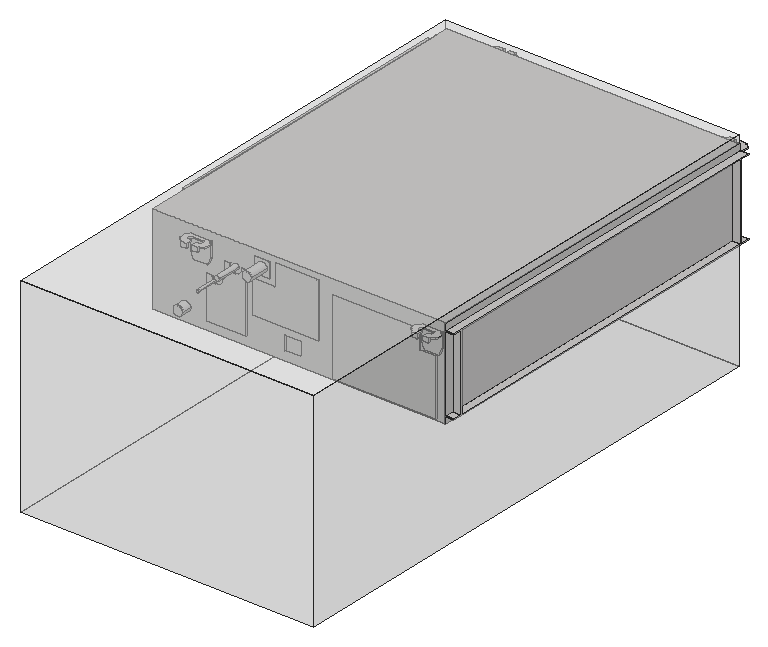
Revit family "outputfile", category 機械設備, Revit 2024
Family settings
  丸型コネクタ寸法 = 半径を使用
  パーツ タイプ = 標準
  OmniClass 番号 = 23.75.10.24.21.27.27
  OmniClass タイトル = Split System Air Conditioning Units
  作業面ベース = いいえ
  常に垂直 = はい
  ロード時にボイドで切り取り = いいえ
  注釈の向きを維持 = いいえ
  共有 = いいえ
  部屋計算ポイント = はい
Parameters (values of type "FMA50RVMV9")
  Description = ""
  製造元 = "Daikin"
  書き出し IFC クラス(タイプ) = "IfcUnitaryEquipmentType"
  定義済み IFC タイプ(タイプ) = "AIRCONDITIONINGUNIT"
  Cost = 0
  モデル = "FMA50RVMV9"
  Type Comments = ""
  Keynote = ""
  Type Image = (empty or 0)
  Assembly Code = ""
  switch_frequency = yes
  r_Liquid Pipe Size = Liquid Pipe Size / 2  # 3.2 mm
  r_Gas Pipe Size = Gas Pipe Size / 2  # 6.35 mm
  r_Drain Pipe Size = Drain Pipe Size / 2  # 12.5 mm
  lw_power = 770.0 mm  # constant formula
  lh_SA = 138.0 mm  # constant formula
  lw_SA = if(Depth = 550.0 mm, 225.0 mm, if(Depth = 700.0 mm, 300.0 mm, if(Depth = 1000.0 mm, 450.0 mm, if(Depth = 1400.0 mm, 650.0 mm, 725.0 mm))))  # 450.0 mm
  lw_RA = if(Depth = 550.0 mm, 275.0 mm, if(Depth = 700.0 mm, 349.0 mm, if(Depth = 1000.0 mm, 499.0 mm, if(Depth = 1400.0 mm, 699.0 mm, 775.0 mm))))  # 499.0 mm
  lh_power = 60.0 mm + [h***]  # 60.0 mm
  lh_mountinghole1 = lh_mountinghole + [h***]  # 222.0 mm
  lh_RA = 123.0 mm  # constant formula
  ld_power = Depth / 2  # 500.0 mm
  connector_voltage = Voltage_50Hz  # 230 V
  connector_powerinput = [Power Input (Cooling)]  # 0.000 kW
  connector_phase = Phase_50Hz  # 1
  Voltage_comment_50Hz = "220 - 240"
  Voltage_50Hz = 230 V
  URL = ""
  Supply Air Direction [instance] = yes
  Sound Power Level_H speed (dB) = 0
  Phase_50Hz = 1
  Minimum External Static Pressure = 50.00 Pa
  Minimum Circuit Amps_50Hz = 0.0 A
  Maximum Fuse Amps_50Hz = 0.0 A
  Maximum External Static Pressure = 150.00 Pa
  Material_Casing = DAIKIN_GalvanizedSteel_Casing_indoorunit
  lw_mountinghole = 630.0 mm  # constant formula
  lh_gaspipe = 183.0 mm + [h***]  # 183.0 mm
  lh_mountinghole = 222.0 mm  # constant formula
  lh_liquidpipe = 136.0 mm + [h***]  # 136.0 mm
  lh_drainpipe = 207.0 mm + [h***]  # 207.0 mm
  lh_antena = Height - lh_mountinghole + 1.0 mm  # 24.0 mm
  ld_drainpipe = Depth / 2 + 53.0 mm  # 553.0 mm
  ld_liquidpipe = Depth / 2 + 69.0 mm  # 569.0 mm
  ld_gaspipe = Depth / 2 + 65.0 mm  # 565.0 mm
  ld_mountinghole = Depth + 38.0 mm  # 1038.0 mm
  h*** = 0.0 mm  # constant formula
  lw_liquidpipe = 179.0 mm  # constant formula
  lw_gaspipe = 229.0 mm  # constant formula
  lw_drainpipe = 300.0 mm  # constant formula
  Width = 800.0 mm
  Version = "ver.1.0"
  Unit Type = "Duct (M.S.P)"
  Unit Mass Weight = 37.00 kg
  Unit Designation [instance] = ""
  Uniclass2015Version = "Products v1.30"
  Uniclass2015Title = "Split coil room air conditioning units"
  Uniclass2015Code = "Pr_70_65_03_86"
  Total Cooling Capacity [instance] = 0.000 kW
  Sound Pressure Level_M speed (dBA) = 33
  Sound Pressure Level_L speed (dBA) = 31
  Sound Pressure Level_H speed (dBA) = 35
  Series = "Multi Split_Fan Coil Unit"
  Sensible Cooling Capacity [instance] = 0.000 kW
  SA Duct Size Width = 792.0 mm
  SA Duct Size Height = 176.0 mm
  Refrigerant Type = "R32"
  RA Duct Size Width = 952.0 mm
  RA Duct Size Height = 208.0 mm
  Power Input (Cooling) = 0.000 kW
  Option Accessory 3 [instance] = ""
  Option Accessory 2 [instance] = ""
  Option Accessory 1 [instance] = ""
  Nominal Cooling Capacity = 5.000 kW
  Minimum Airflow = 750.00 m³/h
  Median Airflow = 900.00 m³/h
  Maximum Airflow = 1080.00 m³/h
  Load Classification = HVAC
  Liquid Pipe Size = 6.4 mm
  Link_Nested Family [instance] = ""
  IfcVersion = ""
  IfcExportType = "AIRCONDITIONINGUNIT"
  IfcExportAs = "IfcUnitaryEquipmentType"
  Height = 245.0 mm
  Heat Exchanger Type = "Cross Fin Coil"
  Gas Pipe Size = 12.7 mm
  Frequency_50Hz = 50 Hz
  Fan Type = "Sirocco Fan"
  Fan Drive = "Direct Drive"
  FCU Tag No. [instance] = ""
  Drain Pipe Size = 25.0 mm
  Design Supply Airflow [instance] = 0.00 m³/h
  Design Return Airflow [instance] = 0.00 m³/h
  Design External Static Pressure [instance] = 0.00 Pa
  Depth = 1000.0 mm
  既定の高さ = 0.0 mm
  Cooling Entering Wet Bulb Temperature [instance] = 0.00 °C
  Cooling Entering Dry Bulb Temperature [instance] = 0.00 °C
  Cooling Ambient Wet Bulb Temperature [instance] = 0.00 °C
  Cooling Ambient Dry Bulb Temperature [instance] = 0.00 °C
  Clearance visibility [instance] = yes
  Clearance Top = 20.0 mm
  Clearance Right = 0.0 mm
  Clearance Rear = 0.0 mm
  Clearance Left = 0.0 mm
  Clearance Front = 450.0 mm
  Clearance Bottom = 300.0 mm
Reference planes
  plane 1 "Center (Front/Back)": y = 0
  plane 2 "h": z = 0
  plane 3 "Center (Left/Right)": x = 0
  plane 4 "Back": y = 500
  plane 5 "Front": y = -500
  plane 6 "Left": x = -400
  plane 7 "Right": x = 400
  plane 8 "Top": z = 0
  plane 9 "Bottom": z = -245
  plane 10: y = -215
  plane 11: y = 500
  plane 12: y = -950
  plane 13: x = -400
  plane 14: x = 400
  plane 15: z = 20
  plane 16: z = -545
  plane 17: x = -400
  plane 18: x = -399
  plane 19: x = 399
  plane 20: y = 50
  plane 21: y = -1
  plane 22: z = -122
  plane 23: y = -501
  plane 24: z = -109
  plane 25: x = -221
  plane 26: y = -565
  plane 27: z = -62
  plane 28: x = -171
  plane 29: y = -553
  plane 30: z = -38
  plane 31: x = -100
  plane 32: x = -100
  plane 33: x = -221
  plane 34: x = -171
  plane 35: x = 370
  plane 36: x = -266
  plane 37: x = 364
  plane 38: y = -519
  plane 39: y = 519
  plane 40: z = -23
  plane 41: z = -107
  plane 42: y = -569
  plane 43: z = -207
  plane 44: x = -309
  plane 45: y = -526
  plane 46: x = -251
  plane 47: x = -203
  plane 48: x = -144
  plane 49: z = -59
  plane 50: z = -106
  plane 51: z = -221
  plane 52: z = -109
  plane 53: x = -221
  plane 54: z = -62
  plane 55: x = -171
  plane 56: z = -17
  plane 57: z = -59
  plane 58: x = -121
  plane 59: x = -79
  plane 60: x = -125
  plane 61: x = -64
  plane 62: x = 53
  plane 63: z = -164
  plane 64: z = -73
  plane 65: z = -16
  plane 66: x = 93.5
  plane 67: x = 374.5
  plane 68: x = 330
  plane 69: z = -88.5
  plane 70: z = -38
  plane 71: z = -242.5
  plane 72: x = -38.5
  plane 73: x = 6.5
  plane 74: z = -181
  plane 75: z = -221
  plane 76: y = -499
  plane 77: x = -424
  plane 78: x = 424
Forms (mm)
  Extrusion 1, solid, material "DAIKIN_GalvanizedSteel_Casing_indoorunit" <- "Material_Casing"
    sketch origin (0, 0, 0) x (1, 0, 0) y (0, 1, 0)
      loop
        line (-399, 500) -> (-399, -500) -> (399, -500) -> (399, 500) -> (-399, 500)
    from -245 to 0
  Extrusion 2, solid, material "DAIKIN_GalvanizedSteel_Casing_indoorunit" <- "Material_Casing"
    sketch origin (0, 0, 0) x (1, 0, 0) y (0, 0, 1)
      loop
        line (-251, -221) -> (-144, -221) -> (-144, -59) -> (-154.47, -59)
        arc (-154.47, -59) -> (-171, -78.8) -> (-187.53, -59) r 16.8
        line (-187.53, -59) -> (-203, -59) -> (-203, -106) -> (-206.916, -106)
        arc (-206.916, -106) -> (-221, -123.4) -> (-235.084, -106) r 14.4
        line (-235.084, -106) -> (-251, -106) -> (-251, -221)
    from 500 to 501
  Extrusion 3, solid, material "DAIKIN_GalvanizedSteel_Casing_indoorunit" <- "Material_Casing"
    sketch origin (0, 0, 0) x (1, 0, 0) y (0, 0, 1)
      loop
        line (-121, -17) -> (-121, -59) -> (-79, -59) -> (-79, -17) -> (-121, -17)
      loop
        line (-125, -73) -> (-125, -164) -> (53, -164) -> (53, -16) -> (-64, -16) -> (-64, -73) -> (-125, -73)
    from 500 to 501
  Extrusion 4, solid, material "DAIKIN_GalvanizedSteel_Casing_indoorunit" <- "Material_Casing"
    sketch origin (0, 0, 0) x (1, 0, 0) y (0, 0, 1)
      loop
        line (93.5, -38) -> (93.5, -242.5) -> (374.5, -242.5) -> (374.5, -88.5) -> (330, -88.5) -> (330, -38) -> (93.5, -38)
    from 500 to 501
  Extrusion 5, solid, material "DAIKIN_GalvanizedSteel_Casing_indoorunit" <- "Material_Casing"
    sketch origin (0, 0, 0) x (1, 0, 0) y (0, 0, 1)
      loop
        circle (-221, -109) r 3.2
    from 500 to 569
  Extrusion 6, solid, material "DAIKIN_GalvanizedSteel_Casing_indoorunit" <- "Material_Casing"
    sketch origin (0, 0, 0) x (1, 0, 0) y (0, 0, 1)
      loop
        circle (-171, -62) r 6.35
    from 500 to 565
  Extrusion 7, solid, material "DAIKIN_GalvanizedSteel_Casing_indoorunit" <- "Material_Casing"
    sketch origin (0, 0, 0) x (1, 0, 0) y (0, 0, 1)
      loop
        circle (-100, -38) r 12.5
    from 501 to 553
  Extrusion 8, solid, material "DAIKIN_GalvanizedSteel_Casing_indoorunit" <- "Material_Casing"
    sketch origin (0, 0, 0) x (1, 0, 0) y (0, 0, 1)
      loop
        circle (-309, -207) r 13
    from 500 to 526
  Extrusion 9, void
    sketch origin (0, 0, 0) x (1, 0, 0) y (0, 0, 1)
      loop
        line (-38.5, -181) -> (-38.5, -221) -> (6.5, -221) -> (6.5, -181) -> (-38.5, -181)
    from 499 to 500
Cuts and joins
  Extrusion 9 cuts Extrusion 1
Dimensions and locks
  "Height": plane 8 "Top" to plane 9 "Bottom"
  equal spacing: plane 4 "Back", plane 1 "Center (Front/Back)", plane 5 "Front"
  "Depth": plane 4 "Back" to plane 5 "Front"
  equal spacing: plane 6 "Left", plane 3 "Center (Left/Right)", plane 7 "Right"
  "Width": plane 6 "Left" to plane 7 "Right"
  "Clearance Left": plane 13 to plane 6 "Left"
  "Clearance Right": plane 7 "Right" to plane 14
  "Clearance Rear": plane 11 to plane 4 "Back"
  "Clearance Front": plane 5 "Front" to plane 12
  "Clearance Top": plane 15 to plane 8 "Top"
  "Clearance Bottom": plane 9 "Bottom" to plane 16
  locked: plane 17 to plane 18 at 1
  locked: plane 19 to plane 14 at 1
  "lw_SA": plane 11 to plane 20
  "lw_RA": plane 21 to plane 5 "Front"
  "lh_RA": plane 22 to plane 9 "Bottom"
  locked: plane 5 "Front" to plane 23 at 1
  "lw_liquidpipe": plane 25 to plane 6 "Left"
  "lh_liquidpipe": plane 24 to plane 9 "Bottom"
  "lh_gaspipe": plane 27 to plane 9 "Bottom"
  "lw_gaspipe": plane 28 to plane 6 "Left"
  "ld_gaspipe": plane 26 to plane 1 "Center (Front/Back)"
  "ld_drainpipe": plane 29 to plane 1 "Center (Front/Back)"
  "lh_drainpipe": plane 30 to plane 9 "Bottom"
  "lw_drainpipe": plane 31 to plane 6 "Left"
  "lw_drainpipe": plane 6 "Left" to plane 32
  "lw_liquidpipe": plane 6 "Left" to plane 33
  "lw_gaspipe": plane 6 "Left" to plane 34
  "lw_power": plane 6 "Left" to plane 35
  locked: plane 17 to plane 36 at 134
  "lw_mountinghole": plane 36 to plane 37
  equal spacing: plane 38, plane 1 "Center (Front/Back)", plane 39
  "ld_mountinghole": plane 39 to plane 38
  "lh_mountinghole": plane 40 to plane 9 "Bottom"
  "lh_SA": plane 41 to plane 9 "Bottom"
  locked: plane 44 to plane 6 "Left" at 91
  locked: plane 43 to plane 9 "Bottom" at 38
  plane 48 to plane 47 to plane 46 to plane 6 "Left" = 59.0 mm, 48.0 mm, 149.0 mm
  plane 8 "Top" to plane 49 to plane 50 to plane 51 = 59.0 mm locked, 47.0 mm locked, 115.0 mm locked
  plane 55 to plane 53 to plane 6 "Left" = 50.0 mm locked, 179.0 mm locked
  plane 54 to plane 52 to plane 9 "Bottom" = 47.0 mm locked, 136.0 mm locked
  plane 59 to plane 58 to plane 6 "Left" = 42.0 mm locked, 279.0 mm locked
  plane 8 "Top" to plane 56 to plane 57 = 17.0 mm locked, 42.0 mm locked
  plane 62 to plane 61 to plane 60 to plane 6 "Left" = 117.0 mm, 61.0 mm, 275.0 mm
  plane 8 "Top" to plane 65 to plane 64 = 16.0 mm locked, 57.0 mm locked
  locked: plane 65 to plane 63 at 148
  plane 8 "Top" to plane 70 to plane 69 to plane 71 = 38.0 mm locked, 50.5 mm locked, 154.0 mm locked
  plane 67 to plane 68 to plane 66 to plane 6 "Left" = 44.5 mm locked, 236.5 mm locked, 493.5 mm locked
  plane 8 "Top" to plane 74 to plane 75 = 181.0 mm locked, 40.0 mm locked
  plane 73 to plane 72 to plane 6 "Left" = 45.0 mm, 361.5 mm
  locked: plane 76 to plane 5 "Front" at 1
  locked: plane 77 to plane 17 at 24
  locked: plane 14 to plane 78 at 24
  "ld_liquidpipe": plane 42 to plane 1 "Center (Front/Back)"
  "r_Liquid Pipe Size": radius of Extrusion 5 sketch curve
  "r_Gas Pipe Size": radius of Extrusion 6 sketch curve
  "r_Drain Pipe Size": radius of Extrusion 7 sketch curve
  aligned and locked: level to plane 2 "h"
  aligned and locked: plane 8 "Top" to Extrusion 1
  aligned and locked: Extrusion 1 to plane 9 "Bottom"
  aligned and locked: nested 5 to plane 12
  aligned and locked: plane 13 to nested 5
  aligned and locked: plane 14 to nested 5
  aligned and locked: nested 5 to plane 13
  aligned and locked: plane 11 to nested 5
  aligned and locked: plane 15 to nested 5
  aligned and locked: plane 16 to nested 5
  aligned and locked: plane 5 "Front" to Extrusion 1 sketch curve
  aligned and locked: Extrusion 1 to plane 18
  aligned and locked: plane 19 to Extrusion 1
  aligned and locked: nested 7 to plane 18
  aligned and locked: nested 7 to plane 20
  aligned and locked: plane 19 to nested 8
  aligned and locked: plane 21 to nested 8
  aligned and locked: plane 22 to nested 8
  aligned and locked: Extrusion 2 to plane 23
  aligned and locked: plane 5 "Front" to Extrusion 2
  aligned and locked: Extrusion 3 to plane 23
  aligned and locked: plane 5 "Front" to Extrusion 3
  aligned and locked: plane 5 "Front" to Extrusion 4
  aligned and locked: Extrusion 5 sketch curve to plane 25
  aligned and locked: plane 24 to Extrusion 5 sketch curve
  aligned and locked: plane 5 "Front" to Extrusion 5
  aligned and locked: Extrusion 6 sketch curve to plane 28
  aligned and locked: plane 27 to Extrusion 6 sketch curve
  aligned and locked: plane 5 "Front" to Extrusion 6
  aligned and locked: Extrusion 7 sketch curve to plane 31
  aligned and locked: Extrusion 7 sketch curve to plane 30
  aligned and locked: Extrusion 7 to plane 29
  aligned and locked: plane 23 to Extrusion 7
  aligned and locked: nested 3 to plane 29
  aligned and locked: plane 32 to nested 3
  aligned and locked: nested 2 to plane 33
  aligned and locked: nested 1 to plane 34
  aligned and locked: Extrusion 6 to plane 26
  aligned and locked: nested 1 to plane 26
  aligned and locked: nested 6 to plane 5 "Front"
  aligned and locked: nested 6 to plane 35
  aligned and locked: plane 36 to nested 10
  aligned and locked: nested 10 to plane 5 "Front"
  aligned and locked: plane 37 to nested 9
  aligned and locked: nested 9 to plane 5 "Front"
  aligned and locked: nested 11 to plane 36
  aligned and locked: plane 4 "Back" to nested 11
  aligned and locked: nested 12 to plane 37
  aligned and locked: plane 4 "Back" to nested 12
  aligned and locked: plane 40 to nested 10
  aligned and locked: plane 40 to nested 11
  aligned and locked: plane 40 to nested 9
  aligned and locked: plane 40 to nested 12
  aligned and locked: plane 36 to nested 14
  aligned and locked: nested 14 to plane 39
  aligned and locked: plane 37 to nested 13
  aligned and locked: nested 13 to plane 39
  aligned and locked: plane 37 to nested 16
  aligned and locked: plane 38 to nested 16
  aligned and locked: plane 38 to nested 15
  aligned and locked: plane 36 to nested 15
  aligned and locked: plane 17 to plane 6 "Left"
  aligned and locked: plane 41 to nested 7
  aligned and locked: Extrusion 5 to plane 42
  aligned and locked: nested 2 to plane 42
  aligned and locked: Extrusion 8 sketch curve to plane 44
  aligned and locked: plane 43 to Extrusion 8 sketch curve
  aligned and locked: plane 5 "Front" to Extrusion 8
  aligned and locked: plane 45 to Extrusion 8
  aligned and locked: Extrusion 3 sketch curve to plane 56
  aligned and locked: Extrusion 3 sketch curve to plane 58
  aligned and locked: plane 57 to Extrusion 3 sketch curve
  aligned and locked: plane 59 to Extrusion 3 sketch curve
  aligned and locked: Extrusion 4 to plane 23
  aligned and locked: Extrusion 9 sketch curve to plane 74
  aligned and locked: plane 75 to Extrusion 9 sketch curve
  aligned and locked: plane 73 to Extrusion 9 sketch curve
  aligned and locked: plane 5 "Front" to Extrusion 9
  aligned and locked: plane 76 to Extrusion 9
  aligned and locked: nested 17 to plane 20
  aligned and locked: nested 17 to plane 77
  aligned and locked: plane 21 to nested 18
  aligned and locked: plane 78 to nested 18
  aligned and locked: plane 41 to nested 17
  aligned and locked: nested 18 to plane 22
  aligned and locked: nested 4 to plane 3 "Center (Left/Right)"
  aligned and locked: plane 1 "Center (Front/Back)" to nested 4
  aligned and locked: level to plane 8 "Top"
Automatic sketch dimensions
  plane 6 "Left" to Extrusion 1 sketch curve = 1.0 mm
  Extrusion 1 sketch curve to plane 7 "Right" = 1.0 mm
  Extrusion 1 sketch curve to plane 4 "Back" = 0.0 mm
  Extrusion 2 sketch curve to plane 46 = 0.0 mm
  Extrusion 2 sketch curve to plane 33 = 0.0 mm
  Extrusion 2 sketch curve to plane 47 = 0.0 mm
  Extrusion 2 sketch curve to plane 34 = 0.0 mm
  Extrusion 2 sketch curve to plane 48 = 0.0 mm
  Extrusion 2 sketch curve to plane 51 = 0.0 mm
  Extrusion 2 sketch curve to plane 52 = 0.0 mm
  Extrusion 2 sketch curve to plane 50 = 0.0 mm  (x3)
  Extrusion 2 sketch curve to plane 54 = 0.0 mm
  Extrusion 2 sketch curve to plane 49 = 0.0 mm  (x3)
  plane 33 to Extrusion 2 sketch curve = 14.084 mm
  plane 34 to Extrusion 2 sketch curve = 16.53 mm
  Extrusion 3 sketch curve to plane 60 = 0.0 mm
  Extrusion 3 sketch curve to plane 61 = 0.0 mm
  Extrusion 3 sketch curve to plane 62 = 0.0 mm
  Extrusion 3 sketch curve to plane 63 = 0.0 mm
  Extrusion 3 sketch curve to plane 64 = 0.0 mm
  Extrusion 3 sketch curve to plane 65 = 0.0 mm
  Extrusion 4 sketch curve to plane 66 = 0.0 mm
  Extrusion 4 sketch curve to plane 68 = 0.0 mm
  Extrusion 4 sketch curve to plane 67 = 0.0 mm
  Extrusion 4 sketch curve to plane 71 = 0.0 mm
  Extrusion 4 sketch curve to plane 69 = 0.0 mm
  Extrusion 4 sketch curve to plane 70 = 0.0 mm
  Extrusion 9 sketch curve to plane 72 = 0.0 mm
  radius of Extrusion 8 sketch curve = 13.0 mm
Nested families
  nested 1: "daikin_connector_rotate2" at (-171, 0, -62), length <- "ld_gaspipe", built-in parameter 1001364 <- "lh_gaspipe", radius <- "r_Gas Pipe Size", type "daikin_connector_rotate2"
    with radius 6.35 mm, length 565.0 mm, angle_vertical 90.00°
  nested 2: "daikin_connector_rotate2" at (-221, 0, -109), length <- "ld_liquidpipe", built-in parameter 1001364 <- "lh_liquidpipe", radius <- "r_Liquid Pipe Size", type "daikin_connector_rotate2"
    with radius 3.2 mm, length 569.0 mm, angle_vertical 90.00°
  nested 3: "daikin_connector_rotate2" at (-100, 0, -38), length <- "ld_drainpipe", built-in parameter 1001364 <- "lh_drainpipe", radius <- "r_Drain Pipe Size", type "daikin_connector_rotate2"
    with radius 12.5 mm, length 553.0 mm, angle_vertical 90.00°
  nested 4: "daikin_△_symbolicline" at (0, 0, 245) x (0, -1, 0) z (0, 0, 1), built-in parameter 1001364 <- "Height", visible <- "Supply Air Direction", type "daikin_△_symbolicline"
    with length 200.0 mm
  nested 5: "daikin_clearancespace" at (0, -225, -262.381), visible <- "Clearance visibility", show <- "Clearance visibility", Link_Nested Family <- "Link_Nested Family", type "daikin_clearancespace"
    with width 800.0 mm, show yes, height 565.0 mm, depth 1450.0 mm, Link_Nested Family ""
  nested 6: "daikin_connector_rotate2" at (370, 0, -185), built-in parameter 1001364 <- "lh_power", length <- "ld_power", type "daikin_connector_rotate2"
    with radius 10.0 mm, length 500.0 mm, angle_vertical 90.00°
  nested 7: "daikin_ductflange_FMA-RVMV92" at (-399, 50, -107) x (0, -1, 0) z (0, 0, 1), type "daikin_ductflange_FMA-RVMV92"
    with width 792.0 mm, w 1000.0 mm
  nested 8: "daikin_ductflange_FMA-RVMV9" at (399, -1, -122) x (0, 1, 0) z (0, 0, 1), type "daikin_ductflange_FMA-RVMV9"
    with width 952.0 mm, lw 25.0 mm, w 1000.0 mm
  nested 9: "daikin_hangerfixture_FMA-RVMV9" at (364, -500, -23), type "daikin_hangerfixture_FMA-RVMV9"
  nested 10: "daikin_hangerfixture_FMA-RVMV9" at (-266, -500, -23), type "daikin_hangerfixture_FMA-RVMV9"
  nested 11: "daikin_hangerfixture_FMA-RVMV9" at (-266, 500, -23) x (-1, 0, 0) z (0, 0, 1), type "daikin_hangerfixture_FMA-RVMV9"
  nested 12: "daikin_hangerfixture_FMA-RVMV9" at (364, 500, -23) x (-1, 0, 0) z (0, 0, 1), type "daikin_hangerfixture_FMA-RVMV9"
  nested 13: "daikin_mountinghole" at (364, 519, -245), h_mountinghole <- "lh_mountinghole1", l_antenna <- "lh_antena", Link_Nested Family <- "Link_Nested Family", type "daikin_mountinghole"
    with show yes, l_antenna 24.0 mm, h_mountinghole 222.0 mm, Link_Nested Family ""
  nested 14: "daikin_mountinghole" at (-266, 519, -245), h_mountinghole <- "lh_mountinghole1", l_antenna <- "lh_antena", Link_Nested Family <- "Link_Nested Family", type "daikin_mountinghole"
    with show yes, l_antenna 24.0 mm, h_mountinghole 222.0 mm, Link_Nested Family ""
  nested 15: "daikin_mountinghole" at (-266, -519, -245), h_mountinghole <- "lh_mountinghole1", l_antenna <- "lh_antena", Link_Nested Family <- "Link_Nested Family", type "daikin_mountinghole"
    with show yes, l_antenna 24.0 mm, h_mountinghole 222.0 mm, Link_Nested Family ""
  nested 16: "daikin_mountinghole" at (364, -519, -245), h_mountinghole <- "lh_mountinghole1", l_antenna <- "lh_antena", Link_Nested Family <- "Link_Nested Family", type "daikin_mountinghole"
    with show yes, l_antenna 24.0 mm, h_mountinghole 222.0 mm, Link_Nested Family ""
  nested 17: "daikin_connector_rotate2" at (-400, 50, -107) x (0, -1, 0) z (0, 0, 1), type "daikin_connector_rotate2"
    with radius 10.0 mm, length 24.0 mm, angle_vertical 90.00°
  nested 18: "daikin_connector_rotate2" at (400, -1, -122) x (0, 1, 0) z (0, 0, 1), type "daikin_connector_rotate2"
    with radius 10.0 mm, length 24.0 mm, angle_vertical 90.00°
Connectors
  piping at (-100, -553, -38), diameter 25, driven by "r_Drain Pipe Size"
    settings: on nested 3, index 3, connector inside diameter 609.6 mm, connector length 0.0 mm, flow factor 0, pipe flow 0.00 m³/h, pressure drop 0.0 Pa, fitting loss kfactor 0, connector angle 0.00°, fixture units 0, engagement length 0.0 mm, angle of deflection 0.00°, flow configuration 1, flow direction 2, fitting loss method 4, system type 16, joint type 0, gender type 0, connector reference index -1, connector utility 0, adjustable connector no, is connector primary yes, connector description "Condensate Drain Piping"
  piping at (-171, -565, -62), diameter 12.7, driven by "r_Gas Pipe Size"
    settings: on nested 1, index 4, connector inside diameter 609.6 mm, connector length 0.0 mm, flow factor 0, pipe flow 0.00 m³/h, pressure drop 0.0 Pa, fitting loss kfactor 0, connector angle 0.00°, fixture units 0, engagement length 0.0 mm, angle of deflection 0.00°, flow configuration 1, flow direction 2, fitting loss method 0, system type 29, joint type 0, gender type 0, connector reference index -1, connector utility 0, adjustable connector no, is connector primary no, connector description "Refrigerant Gas Piping"
  piping at (-221, -569, -109), diameter 6.4, driven by "r_Liquid Pipe Size"
    settings: on nested 2, index 5, connector inside diameter 609.6 mm, connector length 0.0 mm, flow factor 0, pipe flow 0.00 m³/h, pressure drop 0.0 Pa, fitting loss kfactor 0, connector angle 0.00°, fixture units 0, engagement length 0.0 mm, angle of deflection 0.00°, flow configuration 1, flow direction 1, fitting loss method 0, system type 29, joint type 0, gender type 0, connector reference index -1, connector utility 0, adjustable connector no, is connector primary no, connector description "Refrigerant Liquid Piping"
  electrical at (370, -500, -185), driven by "Load Classification", driven by "connector_powerinput", driven by "connector_phase", driven by "connector_voltage"
    settings: on nested 6, index 6, voltage 230 V, apparent load 0 VA, apparent load phase1 0 VA, apparent load phase2 0 VA, apparent load phase3 0 VA, power factor 1, load classification "HVAC", number of poles 1, system type 30, power factor state 1, is connector primary yes, connector utility no, sub classification motor no, connector description "Power Supply"
  hvac at (-424, 50, -107), driven by "SA Duct Size Height", driven by "SA Duct Size Width"
    settings: on nested 17, index 7, duct flow 0.00 m³/h, flow factor 0, pres drop 0.00 Pa, loss coef 0, conn angle 0.00°, conn width 792.0 mm, conn height 176.0 mm, conn diameter 609.6 mm, duct sys type 1, conn prof type 1, flow config 0, flow direction 2, loss method 4, conn ref index -1, conn util no, is conn primary yes, conn desc "SA Duct"
  hvac at (424, -1, -122), driven by "RA Duct Size Height", driven by "RA Duct Size Width"
    settings: on nested 18, index 8, duct flow 0.00 m³/h, flow factor 0, pres drop 0.00 Pa, loss coef 0, conn angle 0.00°, conn width 952.0 mm, conn height 208.0 mm, conn diameter 609.6 mm, duct sys type 2, conn prof type 1, flow config 0, flow direction 1, loss method 4, conn ref index -1, conn util no, is conn primary no, conn desc "RA Duct"
Definition of nested family "daikin_clearancespace"
  Parameters (values of type "daikin_clearancespace")
    Description = "daikin_clearancespace"
    width [instance] = 1823.963 mm
    show [instance] = yes
    material = none
    height [instance] = 1359.762 mm
    depth [instance] = 880.0 mm
    Default Elevation = 0.0 mm
    Link_Nested Family [instance] = ""
  Reference planes
    plane 1 "Center (Front/Back)": y = 0
    plane 2 "Center (Elevation)": z = -0.119
    plane 3 "Center (Left/Right)": x = 0
    plane 4: y = 440
    plane 5: y = -440
    plane 6 "Right": x = 911.982
    plane 7 "Left": x = -911.982
    plane 8 "Top": z = 679.762
    plane 9 "Bottom": z = -680
  Forms (mm)
    Extrusion 1, solid, material <- "material", visible <- "show"
      sketch origin (0, 0, 0) x (1, 0, 0) y (0, 1, 0)
        loop
          line (-911.982, 440) -> (-911.982, -440) -> (911.982, -440) -> (911.982, 440) -> (-911.982, 440)
      from -680 to 679.762
  Lines and regions (mm)
    symbolic lines, visible <- "show"
      curve 1: line (911.982, 440, 0) -> (-911.982, 440, 0)
      curve 2: line (-911.982, 440, 0) -> (-911.982, -440, 0)
      curve 3: line (-911.982, -440, 0) -> (911.982, -440, 0)
      curve 4: line (911.982, -440, 0) -> (911.982, 440, 0)
      curve 5: line (911.982, 0, 679.762) -> (-911.982, 0, 679.762)
      curve 6: line (911.982, 0, -680) -> (911.982, 0, 679.762)
      curve 7: line (-911.982, 0, -680) -> (911.982, 0, -680)
      curve 8: line (-911.982, 0, 679.762) -> (-911.982, 0, -680)
      curve 9: line (0, 440, 679.762) -> (0, -440, 679.762)
      curve 10: line (0, -440, 679.762) -> (0, -440, -680)
      curve 11: line (0, 440, -680) -> (0, 440, 679.762)
      curve 12: line (0, -440, -680) -> (0, 440, -680)
  Dimensions and locks
    "width": plane 7 "Left" to plane 6 "Right"
    "depth": plane 4 to plane 5
    "height": plane 8 "Top" to plane 9 "Bottom"
    equal spacing: plane 7 "Left", plane 3 "Center (Left/Right)", plane 6 "Right"
    equal spacing: plane 4, plane 1 "Center (Front/Back)", plane 5
    equal spacing: plane 8 "Top", plane 2 "Center (Elevation)", plane 9 "Bottom"
    aligned and locked: level to plane 2 "Center (Elevation)"
    aligned and locked: Extrusion 1 sketch curve to plane 4
    aligned and locked: plane 7 "Left" to Extrusion 1 sketch curve
    aligned and locked: Extrusion 1 sketch curve to plane 5
    aligned and locked: Extrusion 1 sketch curve to plane 6 "Right"
    aligned and locked: plane 8 "Top" to Extrusion 1
    aligned and locked: curve 1 to Extrusion 1
    aligned and locked: curve 2 to Extrusion 1
    aligned and locked: curve 3 to Extrusion 1
    aligned and locked: curve 4 to Extrusion 1
    aligned and locked: curve 5 to Extrusion 1
    aligned and locked: curve 6 to Extrusion 1
    aligned and locked: curve 7 to Extrusion 1
    aligned and locked: curve 8 to Extrusion 1
    aligned and locked: curve 9 to Extrusion 1
    aligned and locked: curve 10 to Extrusion 1
    aligned and locked: curve 11 to Extrusion 1
    aligned and locked: curve 12 to Extrusion 1
    aligned and locked: Extrusion 1 to plane 9 "Bottom"
Definition of nested family "daikin_ductflange_FMA-RVMV92"
  Parameters (values of type "daikin_ductflange_FBFC-DVMG2")
    width = if(w = 550.0 mm, 337.0 mm, if(w = 700.0 mm, 492.0 mm, if(w = 1000.0 mm, 792.0 mm, if(w = 1400.0 mm, 1192.0 mm, 1337.0 mm))))  # 1192.0 mm
    material = none
    height = 215.0 mm
    depth = 1.0 mm
    w = 1400.0 mm
    Default Elevation = 0.0 mm
  Reference planes
    plane 1 "Center (Front/Back)": y = 0
    plane 2: z = 0
    plane 3 "Center (Left/Right)": x = 0
    plane 4: z = 88
    plane 5: z = -88
    plane 6: y = -25
    plane 7: z = 106
    plane 8: z = 89
    plane 9: y = -1
    plane 10: x = -617.5
    plane 11: x = 617.5
    plane 12: z = -106
    plane 13: z = -89
    plane 14: y = -1
    plane 15: x = 596
    plane 16: x = -596
    plane 17: x = 597
    plane 18: z = 87
    plane 19: z = -87
    plane 20: x = -597
    plane 21: z = 87
    plane 22: z = -87
    plane 23: y = -1
  Forms (mm)
    Extrusion 1, solid, material <- "material"
      sketch origin (0, 0, 0) x (0, 1, 0) y (0, 0, 1)
        loop
          line (-25, 88) -> (0, 88) -> (0, 106) -> (-1, 106) -> (-1, 89) -> (-25, 89) -> (-25, 88)
      from -617.5 to 617.5
    Extrusion 2, solid, material <- "material"
      sketch origin (0, 0, 0) x (0, 1, 0) y (0, 0, 1)
        loop
          line (-25, -88) -> (-25, -89) -> (-1, -89) -> (-1, -106) -> (0, -106) -> (0, -88) -> (-25, -88)
      from -617.5 to 617.5
    Extrusion 3, solid, material <- "material"
      sketch origin (0, 0, 0) x (1, 0, 0) y (0, 0, 1)
        loop
          line (596, 88) -> (596, -88) -> (617.5, -88) -> (617.5, -87) -> (597, -87) -> (597, 87) -> (617.5, 87) -> (617.5, 88) -> (596, 88)
      from 0 to 25
    Extrusion 4, solid, material <- "material"
      sketch origin (0, 0, 0) x (1, 0, 0) y (0, 0, 1)
        loop
          line (-617.5, 88) -> (-617.5, 87) -> (-597, 87) -> (-597, -87) -> (-617.5, -87) -> (-617.5, -88) -> (-596, -88) -> (-596, 88) -> (-617.5, 88)
      from 0 to 25
    Extrusion 5, solid, material <- "material"
      sketch origin (0, 0, 0) x (1, 0, 0) y (0, 0, 1)
        loop
          line (-617.5, 88) -> (-617.5, -88) -> (-596, -88) -> (-596, 88) -> (-617.5, 88)
        loop
          line (617.5, 88) -> (596, 88) -> (596, -88) -> (617.5, -88) -> (617.5, 88)
      from 0 to 1
  Cuts and joins
    joined: Extrusion 1, Extrusion 2, Extrusion 3, Extrusion 4, Extrusion 5
  Dimensions and locks
    plane 4 to level to plane 5 = 88.0 mm, 88.0 mm
    locked: plane 6 to plane 1 "Center (Front/Back)" at 25
    locked: plane 9 to plane 1 "Center (Front/Back)" at 1
    locked: plane 8 to plane 4 at 1
    locked: plane 16 to plane 10 at 21.5
    locked: plane 17 to plane 15 at 1
    locked: plane 4 to plane 18 at 1
    locked: plane 19 to plane 5 at 1
    "width": plane 15 to plane 16
    plane 4 to plane 5 = 176.0 mm
    locked: plane 16 to plane 20 at 1
    locked: plane 4 to plane 21 at 1
    locked: plane 22 to plane 5 at 1
    locked: plane 23 to plane 1 "Center (Front/Back)" at 1
    plane 4 to level to plane 5 = 88.0 mm locked, 88.0 mm locked
    locked: plane 5 to plane 13 at 1
    locked: plane 5 to plane 12 at 18
    locked: plane 7 to plane 4 at 18
    equal spacing: plane 15, plane 3 "Center (Left/Right)", plane 16
    locked: plane 11 to plane 15 at 21.5
    plane 11 to plane 10 = 1235.0 mm
    aligned and locked: level to plane 2
    aligned and locked: Extrusion 1 to plane 10
    aligned and locked: plane 11 to Extrusion 1
    aligned and locked: plane 5 to Extrusion 2
    aligned and locked: Extrusion 2 to plane 1 "Center (Front/Back)"
    aligned and locked: plane 15 to Extrusion 3 sketch curve
    aligned and locked: Extrusion 3 sketch curve to Extrusion 2  (x2)
    aligned and locked: Extrusion 3 sketch curve to plane 11
    aligned and locked: plane 6 to Extrusion 3
    aligned and locked: Extrusion 2 to plane 10
    aligned and locked: plane 11 to Extrusion 2
    aligned and locked: Extrusion 4 sketch curve to Extrusion 1  (x2)
    aligned and locked: plane 5 to Extrusion 4 sketch curve
    aligned and locked: Extrusion 4 sketch curve to plane 16
    aligned and locked: Extrusion 4 sketch curve to plane 22
    aligned and locked: plane 20 to Extrusion 4 sketch curve
    aligned and locked: plane 21 to Extrusion 4 sketch curve
    aligned and locked: Extrusion 4 to plane 1 "Center (Front/Back)"
    aligned and locked: plane 6 to Extrusion 4
    aligned and locked: Extrusion 5 sketch curve to Extrusion 1  (x4)
    aligned and locked: Extrusion 5 sketch curve to Extrusion 4  (x2)
    aligned and locked: Extrusion 5 sketch curve to Extrusion 3  (x2)
    aligned and locked: Extrusion 5 to plane 1 "Center (Front/Back)"
    aligned and locked: plane 23 to Extrusion 5
  Automatic sketch dimensions
    Extrusion 1 sketch curve to plane 6 = 0.0 mm
    Extrusion 1 sketch curve to plane 7 = 0.0 mm
    Extrusion 1 sketch curve to plane 9 = 0.0 mm
    Extrusion 1 sketch curve to plane 1 "Center (Front/Back)" = 0.0 mm
    Extrusion 1 sketch curve to plane 4 = 0.0 mm
    Extrusion 1 sketch curve to plane 8 = 0.0 mm
    Extrusion 2 sketch curve to plane 6 = 0.0 mm
    plane 12 to Extrusion 2 sketch curve = 0.0 mm
    Extrusion 2 sketch curve to plane 14 = 0.0 mm
    Extrusion 2 sketch curve to plane 1 "Center (Front/Back)" = 0.0 mm
    plane 13 to Extrusion 2 sketch curve = 0.0 mm
    Extrusion 2 sketch curve to plane 5 = 0.0 mm
    Extrusion 3 sketch curve to plane 17 = 0.0 mm
    Extrusion 3 sketch curve to plane 19 = 0.0 mm
    Extrusion 3 sketch curve to plane 18 = 0.0 mm
    Extrusion 3 sketch curve to plane 4 = 0.0 mm
    Extrusion 4 sketch curve to plane 10 = 0.0 mm
Definition of nested family "daikin_ductflange_FMA-RVMV9"
  Parameters (values of type "daikin_ductflange_FBFC-DVMG")
    width = if(w = 550.0 mm, 502.0 mm, if(w = 700.0 mm, 654.0 mm, if(w = 1000.0 mm, 952.0 mm, if(w = 1400.0 mm, 1352.0 mm, 1502.0 mm))))  # 654.0 mm
    material = none
    lw = if(width = 654.0 mm, 23.0 mm, 25.0 mm)  # 23.0 mm
    height = 208.0 mm
    depth = 1.0 mm
    w = 700.0 mm
    Default Elevation = 0.0 mm
  Reference planes
    plane 1 "Center (Front/Back)": y = 0
    plane 2: z = 0
    plane 3 "Center (Left/Right)": x = 0
    plane 4: z = 104
    plane 5: z = -104
    plane 6: y = -25
    plane 7: z = 121
    plane 8: z = 105
    plane 9: y = -1
    plane 10: x = -350
    plane 11: x = 350
    plane 12: z = -122
    plane 13: z = -105
    plane 14: y = -1
    plane 15: x = 327
    plane 16: x = -327
    plane 17: x = 328
    plane 18: z = 103
    plane 19: z = -103
    plane 20: x = -328
    plane 21: z = 103
    plane 22: z = -103
    plane 23: y = -1
  Forms (mm)
    Extrusion 1, solid, material <- "material"
      sketch origin (0, 0, 0) x (0, 1, 0) y (0, 0, 1)
        loop
          line (-25, 104) -> (0, 104) -> (0, 121) -> (-1, 121) -> (-1, 105) -> (-25, 105) -> (-25, 104)
      from -350 to 350
    Extrusion 2, solid, material <- "material"
      sketch origin (0, 0, 0) x (0, 1, 0) y (0, 0, 1)
        loop
          line (-25, -104) -> (-25, -105) -> (-1, -105) -> (-1, -122) -> (0, -122) -> (0, -104) -> (-25, -104)
      from -350 to 350
    Extrusion 3, solid, material <- "material"
      sketch origin (0, 0, 0) x (1, 0, 0) y (0, 0, 1)
        loop
          line (327, 104) -> (327, -104) -> (350, -104) -> (350, -103) -> (328, -103) -> (328, 103) -> (350, 103) -> (350, 104) -> (327, 104)
      from 0 to 25
    Extrusion 4, solid, material <- "material"
      sketch origin (0, 0, 0) x (1, 0, 0) y (0, 0, 1)
        loop
          line (-350, 104) -> (-350, 103) -> (-328, 103) -> (-328, -103) -> (-350, -103) -> (-350, -104) -> (-327, -104) -> (-327, 104) -> (-350, 104)
      from 0 to 25
    Extrusion 5, solid, material <- "material"
      sketch origin (0, 0, 0) x (1, 0, 0) y (0, 0, 1)
        loop
          line (-350, 104) -> (-350, -104) -> (-327, -104) -> (-327, 104) -> (-350, 104)
        loop
          line (350, 104) -> (327, 104) -> (327, -104) -> (350, -104) -> (350, 104)
      from 0 to 1
  Cuts and joins
    joined: Extrusion 1, Extrusion 2, Extrusion 3, Extrusion 4, Extrusion 5
  Dimensions and locks
    plane 4 to level to plane 5 = 104.0 mm, 104.0 mm
    locked: plane 6 to plane 1 "Center (Front/Back)" at 25
    locked: plane 9 to plane 1 "Center (Front/Back)" at 1
    locked: plane 8 to plane 4 at 1
    "lw": plane 11 to plane 15
    "lw": plane 16 to plane 10
    locked: plane 17 to plane 15 at 1
    locked: plane 4 to plane 18 at 1
    locked: plane 19 to plane 5 at 1
    "width": plane 15 to plane 16
    equal spacing: plane 15, plane 3 "Center (Left/Right)", plane 16
    locked: plane 16 to plane 20 at 1
    locked: plane 4 to plane 21 at 1
    locked: plane 22 to plane 5 at 1
    locked: plane 23 to plane 1 "Center (Front/Back)" at 1
    locked: plane 7 to plane 4 at 17
    locked: plane 1 "Center (Front/Back)" to plane 14 at 1
    locked: plane 5 to plane 13 at 1
    "height": plane 4 to plane 5
    plane 11 to plane 10 = 700.0 mm
    locked: plane 12 to plane 13 at 17
    equal spacing: plane 4, level, plane 5
    aligned and locked: level to plane 2
    aligned and locked: Extrusion 1 to plane 10
    aligned and locked: plane 11 to Extrusion 1
    aligned and locked: plane 5 to Extrusion 2
    aligned and locked: Extrusion 2 to plane 1 "Center (Front/Back)"
    aligned and locked: plane 15 to Extrusion 3 sketch curve
    aligned and locked: Extrusion 3 sketch curve to Extrusion 2  (x2)
    aligned and locked: Extrusion 3 sketch curve to plane 11
    aligned and locked: plane 6 to Extrusion 3
    aligned and locked: Extrusion 2 to plane 10
    aligned and locked: plane 11 to Extrusion 2
    aligned and locked: Extrusion 4 sketch curve to Extrusion 1  (x2)
    aligned and locked: plane 5 to Extrusion 4 sketch curve
    aligned and locked: Extrusion 4 sketch curve to plane 16
    aligned and locked: Extrusion 4 sketch curve to plane 22
    aligned and locked: plane 20 to Extrusion 4 sketch curve
    aligned and locked: plane 21 to Extrusion 4 sketch curve
    aligned and locked: Extrusion 4 to plane 1 "Center (Front/Back)"
    aligned and locked: plane 6 to Extrusion 4
    aligned and locked: Extrusion 5 sketch curve to Extrusion 1  (x4)
    aligned and locked: Extrusion 5 sketch curve to Extrusion 4  (x2)
    aligned and locked: Extrusion 5 sketch curve to Extrusion 3  (x2)
    aligned and locked: Extrusion 5 to plane 1 "Center (Front/Back)"
    aligned and locked: plane 23 to Extrusion 5
  Automatic sketch dimensions
    Extrusion 1 sketch curve to plane 6 = 0.0 mm
    Extrusion 1 sketch curve to plane 7 = 0.0 mm
    Extrusion 1 sketch curve to plane 9 = 0.0 mm
    Extrusion 1 sketch curve to plane 1 "Center (Front/Back)" = 0.0 mm
    Extrusion 1 sketch curve to plane 4 = 0.0 mm
    Extrusion 1 sketch curve to plane 8 = 0.0 mm
    Extrusion 2 sketch curve to plane 6 = 0.0 mm
    plane 12 to Extrusion 2 sketch curve = 0.0 mm
    Extrusion 2 sketch curve to plane 14 = 0.0 mm
    Extrusion 2 sketch curve to plane 1 "Center (Front/Back)" = 0.0 mm
    plane 13 to Extrusion 2 sketch curve = 0.0 mm
    Extrusion 2 sketch curve to plane 5 = 0.0 mm
    Extrusion 3 sketch curve to plane 17 = 0.0 mm
    Extrusion 3 sketch curve to plane 19 = 0.0 mm
    Extrusion 3 sketch curve to plane 18 = 0.0 mm
    Extrusion 3 sketch curve to plane 4 = 0.0 mm
    Extrusion 4 sketch curve to plane 10 = 0.0 mm
Definition of nested family "daikin_hangerfixture_FMA-RVMV9"
  Parameters (values of type "daikin_hangerfixture_FXMQ-PAVE")
    width = 72.0 mm
    material = none
    height = 60.0 mm
    depth = 41.0 mm
    Default Elevation = 0.0 mm
  Reference planes
    plane 1 "Center (Front/Back)": y = 0
    plane 2: z = 0
    plane 3 "Center (Left/Right)": x = 0
    plane 4: y = 417.146
    plane 5: y = -41
    plane 6: x = -36
    plane 7: x = 36
    plane 8: z = -2.3
    plane 9: z = -60
    plane 10: y = -2.3
    plane 11: z = -12
    plane 12: y = -38.7
  Forms (mm)
    Extrusion 1, solid, material <- "material"
      sketch origin (0, 0, 0) x (1, 0, 0) y (0, 1, 0)
        loop
          line (-28, 0) -> (-28, -5)
          arc (-28, -5) -> (-29.127, -8.162) -> (-32, -9.899) r 5
          arc (-32, -9.899) -> (-34.873, -11.636) -> (-36, -14.798) r 5
          line (-36, -14.798) -> (-36, -27.178)
          arc (-36, -27.178) -> (-35.429, -29.499) -> (-33.846, -31.289) r 5
          line (-33.846, -31.289) -> (-23, -38.798) -> (-23, -41.098) -> (-6.5, -41.098) -> (-6.5, -28.498)
          arc (-6.5, -28.498) -> (-7.379, -26.377) -> (-9.5, -25.498) r 3
          line (-9.5, -25.498) -> (-13.5, -25.498)
          arc (-13.5, -25.498) -> (-20, -18.998) -> (-13.5, -12.498) r 6.5
          line (-13.5, -12.498) -> (13.5, -12.498)
          arc (13.5, -12.498) -> (20, -18.998) -> (13.5, -25.498) r 6.5
          line (13.5, -25.498) -> (9.5, -25.498)
          arc (9.5, -25.498) -> (7.379, -26.377) -> (6.5, -28.498) r 3
          line (6.5, -28.498) -> (6.5, -41.098) -> (23, -41.098) -> (23, -38.798) -> (33.846, -31.289)
          arc (33.846, -31.289) -> (35.429, -29.499) -> (36, -27.178) r 5
          line (36, -27.178) -> (36, -14.596)
          arc (36, -14.596) -> (34.873, -11.434) -> (32, -9.697) r 5
          arc (32, -9.697) -> (29.127, -7.96) -> (28, -4.798) r 5
          line (28, -4.798) -> (28, 0) -> (-28, 0)
      from 0 to -2.3
    Extrusion 2, solid, material <- "material"
      sketch origin (0, 0, 0) x (1, 0, 0) y (0, 0, 1)
        loop
          line (28, -39.037) -> (28, 0) -> (-28, 0) -> (-28, -39.037)
          arc (-28, -39.037) -> (-27.91, -39.983) -> (-27.642, -40.894) r 5
          line (-27.642, -40.894) -> (-21.257, -56.857)
          arc (-21.257, -56.857) -> (-19.418, -59.14) -> (-16.615, -60) r 5
          line (-16.615, -60) -> (16.615, -60)
          arc (16.615, -60) -> (19.418, -59.14) -> (21.257, -56.857) r 5
          line (21.257, -56.857) -> (27.642, -40.894)
          arc (27.642, -40.894) -> (27.91, -39.983) -> (28, -39.037) r 5
      from 0 to 2.3
    Extrusion 3, solid, material <- "material"
      sketch origin (0, 0, 0) x (1, 0, 0) y (0, 0, 1)
        loop
          line (-23, 0) -> (-23, -9)
          arc (-23, -9) -> (-22.121, -11.121) -> (-20, -12) r 3
          line (-20, -12) -> (-9.5, -12)
          arc (-9.5, -12) -> (-7.379, -11.121) -> (-6.5, -9) r 3
          line (-6.5, -9) -> (-6.5, 0) -> (-23, 0)
        loop
          line (23, 0) -> (6.5, 0) -> (6.5, -9)
          arc (6.5, -9) -> (7.379, -11.121) -> (9.5, -12) r 3
          line (9.5, -12) -> (20, -12)
          arc (20, -12) -> (22.121, -11.121) -> (23, -9) r 3
          line (23, -9) -> (23, 0)
      from 38.8 to 41.098
  Cuts and joins
    joined: Extrusion 1, Extrusion 2, Extrusion 3
  Dimensions and locks
    plane 2 to plane 8 = 2.3 mm
    "height": plane 2 to plane 9
    locked: plane 10 to plane 1 "Center (Front/Back)" at 2.3
    locked: plane 2 to plane 11 at 12
    locked: plane 12 to plane 5 at 2.3
    aligned and locked: level to plane 2
    aligned and locked: Extrusion 1 to plane 8
    aligned and locked: plane 2 to Extrusion 1
    aligned and locked: plane 2 to Extrusion 2 sketch curve
    aligned and locked: Extrusion 2 to plane 10
    aligned and locked: Extrusion 2 to plane 1 "Center (Front/Back)"
    aligned and locked: Extrusion 3 sketch curve to cut or joined group of Extrusion 1, Extrusion 2, Extrusion 3  (x3)
    aligned and locked: cut or joined group of Extrusion 1, Extrusion 2, Extrusion 3 to Extrusion 3
  Automatic sketch dimensions
    Extrusion 2 sketch curve to plane 7 = 8.0 mm
    Extrusion 2 sketch curve to plane 8 = 36.737 mm
    plane 6 to Extrusion 2 sketch curve = 19.385 mm
    Extrusion 1 sketch curve to plane 6 = 0.0 mm
    plane 1 "Center (Front/Back)" to Extrusion 1 sketch curve = 0.0 mm
    Extrusion 1 sketch curve to plane 7 = 0.0 mm
    plane 6 to Extrusion 1 sketch curve = 2.154 mm
    plane 6 to Extrusion 1 sketch curve = 3.0 mm
    Extrusion 1 sketch curve to Extrusion 1 sketch curve = 5.0 mm  (x3)
    Extrusion 1 sketch curve to plane 12 = 0.098 mm  (x2)
    Extrusion 1 sketch curve to Extrusion 1 sketch curve = 4.0 mm  (x2)
    Extrusion 1 sketch curve to plane 5 = 0.098 mm  (x2)
    Extrusion 1 sketch curve to plane 3 "Center (Left/Right)" = 6.5 mm
    plane 3 "Center (Left/Right)" to Extrusion 1 sketch curve = 6.5 mm
    Extrusion 1 sketch curve to Extrusion 1 sketch curve = 3.0 mm
    Extrusion 1 sketch curve to plane 7 = 8.0 mm
    Extrusion 1 sketch curve to plane 7 = 5.0 mm
    Extrusion 1 sketch curve to plane 7 = 3.0 mm
    Extrusion 1 sketch curve to plane 7 = 2.154 mm
    plane 12 to Extrusion 1 sketch curve = 7.411 mm  (x2)
    plane 12 to Extrusion 1 sketch curve = 10.202 mm  (x2)
    Extrusion 1 sketch curve to Extrusion 1 sketch curve = 6.5 mm  (x2)
    Extrusion 1 sketch curve to Extrusion 1 sketch curve = 12.38 mm
    Extrusion 1 sketch curve to plane 10 = 12.296 mm
    Extrusion 1 sketch curve to plane 10 = 2.7 mm
    Extrusion 1 sketch curve to plane 10 = 2.498 mm
    plane 6 to Extrusion 1 sketch curve = 4.0 mm
    Extrusion 1 sketch curve to Extrusion 1 sketch curve = 0.0 mm  (x2)
    Extrusion 1 sketch curve to plane 7 = 4.0 mm
    Extrusion 1 sketch curve to Extrusion 1 sketch curve = 4.111 mm
    Extrusion 3 sketch curve to level = 0.0 mm  (x2)
    Extrusion 3 sketch curve to plane 11 = 0.0 mm  (x2)
    plane 11 to Extrusion 3 sketch curve = 3.0 mm  (x2)
    plane 3 "Center (Left/Right)" to Extrusion 3 sketch curve = 6.5 mm
    Extrusion 3 sketch curve to Extrusion 3 sketch curve = 3.0 mm  (x2)
    Extrusion 2 sketch curve to plane 9 = 0.0 mm
    Extrusion 2 sketch curve to Extrusion 2 sketch curve = 11.385 mm
    plane 6 to Extrusion 2 sketch curve = 8.0 mm
    plane 9 to Extrusion 2 sketch curve = 20.963 mm
    Extrusion 2 sketch curve to Extrusion 2 sketch curve = 5.0 mm  (x2)
    plane 9 to Extrusion 2 sketch curve = 3.143 mm  (x3)
    Extrusion 2 sketch curve to Extrusion 2 sketch curve = 4.642 mm  (x2)
    Extrusion 2 sketch curve to Extrusion 2 sketch curve = 0.0 mm  (x2)
    Extrusion 2 sketch curve to Extrusion 2 sketch curve = 0.358 mm
    Extrusion 2 sketch curve to Extrusion 2 sketch curve = 1.857 mm  (x2)
Definition of nested family "daikin_connector_rotate2"
  Parameters (values of type "daikin_connector_rotate2")
    Default Elevation = 1219.2 mm
    show_face = no
    radius [instance] = 10.0 mm
    length [instance] = 600.0 mm
    d_surface = 10.0 mm
    angle_vertical [instance] = 90.00°
  Reference planes
    plane 1 "Center (Front/Back)": y = 0
    plane 2: z = 0
    plane 3 "Center (Left/Right)": x = 0
  Forms (mm)
    Extrusion 1, solid, visible <- "show_face"
      sketch origin (0, -600, 0) x (1, 0, 0) y (0, 0, 1)
        loop
          circle (0, 0) r 10
      from 0 to -10
  Lines and regions (mm)
    reference lines
      curve 1: line (0, 0, 0) -> (0, -600, 0)
    symbolic lines
      curve 2: circle (0, 0, 0) r 5 normal (0, 0, 1)
    model lines, visible <- "show_face"
      curve 3: line (0, 0, 0) -> (0, -600, 0)
  Dimensions and locks
    "length": curve 1 to curve 1
    "length": curve 3 to curve 3
    "d_surface": Extrusion 1 to Extrusion 1
    "radius": radius of Extrusion 1 sketch curve
    "angle_vertical": angle curve 1 to plane 1 "Center (Front/Back)"
    "angle_vertical": angle curve 3 to plane 1 "Center (Front/Back)"
    aligned and locked: level to plane 2
    aligned and locked: plane 1 "Center (Front/Back)" to curve 1
    aligned and locked: plane 2 to curve 1
    aligned and locked: plane 1 "Center (Front/Back)" to curve 2
    aligned and locked: plane 3 "Center (Left/Right)" to curve 2
    aligned and locked: plane 1 "Center (Front/Back)" to curve 3
    aligned and locked: plane 2 to curve 3
    aligned and locked: Extrusion 1 to Extrusion 1
  Automatic sketch dimensions
    Extrusion 1 sketch curve to level = 0.0 mm
    Extrusion 1 sketch curve to plane 3 "Center (Left/Right)" = 0.0 mm
    radius of curve 2 = 5.0 mm
Definition of nested family "daikin_△_symbolicline"
  Parameters (values of type "daikin_△_symbolicline")
    length [instance] = 200.0 mm
    Default Elevation = 0.0 mm
  Reference planes
    plane 1 "Center (Front/Back)": y = 0
    plane 2: z = 0
    plane 3 "Center (Left/Right)": x = 0
  Lines and regions (mm)
    symbolic lines
      curve 1: line (0, -173.205, 0) -> (100, 0, 0)
      curve 2: line (100, 0, 0) -> (-100, 0, 0)
      curve 3: line (-100, 0, 0) -> (0, -173.205, 0)
  Dimensions and locks
    equal spacing: curve 3, plane 3 "Center (Left/Right)", curve 2
    "length": curve 3 to curve 2
    "length": curve 3 to curve 3
    "length": curve 1 to curve 1
    aligned and locked: level to plane 2
    aligned and locked: curve 2 to plane 1 "Center (Front/Back)"
    aligned and locked: plane 3 "Center (Left/Right)" to curve 3
Definition of nested family "daikin_mountinghole"
  Parameters (values of type "daikin_mountinghole")
    Default Elevation = 1219.2 mm
    Type Comments = "mountinghole"
    show [instance] = yes
    material = none
    l_centerline = 100.0 mm
    l_antenna [instance] = 100.0 mm
    h_mountinghole [instance] = 0.0 mm
    d_circle = 30.0 mm
    Link_Nested Family [instance] = ""
  Reference planes
    plane 1 "Center (Front/Back)": y = 0
    plane 2: z = 0
    plane 3 "Center (Left/Right)": x = 0
    plane 4: y = 50
    plane 5: x = -50
    plane 6: x = 50
    plane 7: y = -50
    plane 8 "h_mountinghole": z = 0
    plane 9: z = 100
  Lines and regions (mm)
    model lines, detail levels fine
      curve 1: circle (0, 0, 0) r 15 normal (0, 0, 1)
      curve 2: line (-50, 0, 0) -> (50, 0, 0)
      curve 3: line (0, 50, 0) -> (0, -50, 0)
    symbolic lines, detail levels fine
      curve 4: circle (0, 0, 0) r 15 normal (0, 0, 1)
      curve 5: line (-50, 0, 0) -> (50, 0, 0)
      curve 6: line (0, 50, 0) -> (0, -50, 0)
    model lines
      curve 7: line (0, 0, 100) -> (0, 0, 0)
  Dimensions and locks
    equal spacing: plane 4, plane 1 "Center (Front/Back)", plane 7
    "l_centerline": plane 4 to plane 7
    equal spacing: plane 5, plane 3 "Center (Left/Right)", plane 6
    "l_centerline": plane 5 to plane 6
    "l_antenna": plane 9 to plane 8 "h_mountinghole"
    "h_mountinghole": plane 8 "h_mountinghole" to plane 2
    "d_circle": diameter of curve 1
    "d_circle": diameter of curve 4
    aligned and locked: level to plane 2
    aligned and locked: plane 1 "Center (Front/Back)" to curve 1
    aligned and locked: plane 3 "Center (Left/Right)" to curve 1
    aligned and locked: plane 1 "Center (Front/Back)" to curve 2
    aligned and locked: curve 3 to plane 3 "Center (Left/Right)"
    aligned and locked: plane 6 to curve 2
    aligned and locked: plane 5 to curve 2
    aligned and locked: plane 4 to curve 3
    aligned and locked: plane 7 to curve 3
    aligned and locked: plane 1 "Center (Front/Back)" to curve 4
    aligned and locked: plane 3 "Center (Left/Right)" to curve 4
    aligned and locked: plane 6 to curve 5
    aligned and locked: plane 5 to curve 5
    aligned and locked: plane 1 "Center (Front/Back)" to curve 5
    aligned and locked: plane 4 to curve 6
    aligned and locked: plane 7 to curve 6
    aligned and locked: curve 6 to plane 3 "Center (Left/Right)"
    aligned and locked: curve 7 to plane 3 "Center (Left/Right)"
    aligned and locked: plane 9 to curve 7
    aligned and locked: plane 8 "h_mountinghole" to curve 7
